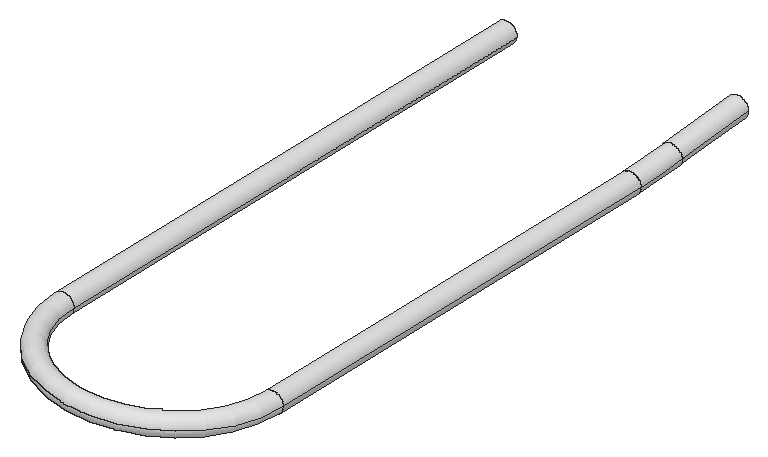
Revit family "Deca_Ducha higiênica com registro_Aspen_1984.35.ACT", category Plumbing Fixtures, host Face, Revit 2020 (continued)
Lines and regions (m)
  symbolic lines
    curve 434: line (0, -0.0618, 0.044) -> (0, -0.0618, 0.02461221)
    curve 435: line (0, -0.0543, 0.044) -> (0, -0.0543, 0.024)
    curve 436: line (0, -0.0468, 0.044) -> (0, -0.0468, 0.024)
    curve 437: line (0, -0.02387258, 0.02291089) -> (0, -0.03381957, 0.02291089)
    curve 438: line (0, -0.02387258, 0.04472826) -> (0, -0.02387258, 0.02291089)
    curve 439: line (0, -0.03381957, 0.04472826) -> (0, -0.02387258, 0.04472826)
    curve 440: line (0, -0.03381957, 0.02291089) -> (0, -0.03381957, 0.04472826)
    curve 441: line (0, -0.02387258, 0.04408979) -> (0, -0.02178379, 0.04408979)
    curve 442: line (0, -0.02387258, 0.02354937) -> (0, -0.02178379, 0.02354937)
    curve 443: line (0, 0.02257955, 0.00298327) -> (0, 0.01452468, 0.01293109)
    curve 444: line (0, 0.02257955, 0) -> (0, -0.02257955, 0)
    curve 445: line (0, 0.02257955, 0.00298327) -> (0, 0.02257955, 0)
    curve 446: line (0, -0.02257955, 0) -> (0, -0.02257955, 0.0029823)
    curve 447: line (0, -0.0145595, 0.01293109) -> (0, -0.02257955, 0.0029823)
    curve 448: line (0, 0.01452468, 0.01293109) -> (0, -0.0145595, 0.01293109)
    curve 449: arc (0, -0.01255774, 0.01293109) -> (0, -0.01560083, 0.01885137) -> (0, -0.02178379, 0.02131738) r 0.00949221
    curve 450: line (0, -0.02178379, 0.02131738) -> (0, -0.02178379, 0.04631958)
    curve 451: line (0, -0.02178379, 0.04631958) -> (0, 0.00179221, 0.04631958)
    curve 452: arc (0, 0.00179221, 0.04631958) -> (0, 0.00536509, 0.04701705) -> (0, 0.00841334, 0.04900705) r 0.0095
    curve 453: line (0, 0.00303642, 0.05438398) -> (0, 0.03131338, 0.02610702)
    curve 454: line (0, 0.02609101, 0.03132938) -> (0, 0.01522373, 0.0204621)
    curve 455: arc (0, 0.01522373, 0.0204621) -> (0, 0.01300812, 0.01700141) -> (0, 0.01244442, 0.01293109) r 0.00958952
    curve 456: line (0, -0.01192411, 0.01293109) -> (0, -0.00006072, 0.03388493)
    curve 457: line (0, 0.00001902, 0.03393106) -> (0, -0.02178379, 0.02131738)
    curve 458: line (0, 0.00001902, 0.03393106) -> (0, 0.00139732, 0.03062545)
    curve 459: line (0, 0.00139732, 0.03062545) -> (0, -0.00005337, 0.02352955)
    curve 460: line (0, -0.00005337, 0.02352955) -> (0, 0.00252073, 0.02095545)
    curve 461: line (0, 0.00252073, 0.02095545) -> (0, 0.01241541, 0.01376654)
    curve 462: line (0, 0.01522373, 0.0204621) -> (0, 0.00083075, 0.02264543)
    curve 463: line (0, 0.00001902, 0.03393106) -> (0, 0.0036389, 0.03214115)
    curve 464: line (0, 0.0036389, 0.03214115) -> (0, 0.01070974, 0.03408846)
    curve 465: line (0, 0.01070974, 0.03408846) -> (0, 0.00841334, 0.04900705)
    curve 466: line (0, 0.00179221, 0.04631958) -> (0, 0.01070974, 0.03408846)
    curve 467: line (0, 0.01827979, 0.00829351) -> (0, 0.01827979, 0.01915987)
    curve 468: line (0, 0.01827979, 0.01915987) -> (0, 0.01747867, 0.02271704)
    curve 469: line (0, 0.01960735, 0.02048587) -> (0, 0.01799761, 0.02041281)
    curve 470: arc (0, 0.08186381, 0.06176307) -> (0, 0.0664713, 0.0641973) -> (0, 0.05099564, 0.06603011) r 0.4
    curve 471: arc (0, 0.09108646, 0.06000791) -> (0, 0.08648029, 0.06091257) -> (0, 0.08186383, 0.06176316) r 0.40033822
    curve 472: arc (0, 0.10054951, 0.04483661) -> (0, 0.09738767, 0.05232287) -> (0, 0.09277459, 0.05901321) r 0.0399
    curve 473: arc (0, 0.09277459, 0.05901321) -> (0, 0.09201402, 0.05965227) -> (0, 0.09108646, 0.06000791) r 0.003
    curve 474: line (0, 0.10412507, 0.03602086) -> (0, 0.11190102, 0.0194224)
    curve 475: line (0, 0.11320031, 0.01528511) -> (0, 0.11231551, 0.01855805)
    curve 476: line (0, 0.11231551, 0.01855805) -> (0, 0.11189087, 0.01946341)
    curve 477: line (0, 0.11189087, 0.01946341) -> (0, 0.0883514, 0.00842288)
    curve 478: line (0, 0.0883514, 0.00842288) -> (0, 0.08877604, 0.00751752)
    curve 479: line (0, 0.08877604, 0.00751752) -> (0, 0.09072689, 0.00474458)
    curve 480: arc (0, 0.09072689, 0.00474458) -> (0, 0.09117585, 0.0044317) -> (0, 0.0917209, 0.00448061) r 0.0008
    curve 481: line (0, 0.0917209, 0.00448061) -> (0, 0.11276774, 0.01435204)
    curve 482: arc (0, 0.11276774, 0.01435204) -> (0, 0.11315383, 0.01473986) -> (0, 0.11320031, 0.01528511) r 0.0008
    curve 483: line (0, 0.10362242, 0.04627504) -> (0, 0.107438, 0.03812389)
    curve 484: line (0, 0.10268592, 0.03589943) -> (0, 0.107438, 0.03812389)
    curve 485: line (0, 0.0988642, 0.04404771) -> (0, 0.10268592, 0.03589943)
    curve 486: line (0, 0.0988642, 0.04404771) -> (0, 0.10362242, 0.04627504)
    curve 487: arc (0, 0.10436587, 0.03668582) -> (0, 0.10410772, 0.03640322) -> (0, 0.10412507, 0.03602086) r 0.0005
    curve 488: arc (0, 0.08133757, 0.05880959) -> (0, 0.06766386, 0.06100059) -> (0, 0.05392206, 0.06271336) r 0.397
    curve 489: arc (0, 0.09321443, 0.04140071) -> (0, 0.08875513, 0.05111426) -> (0, 0.08133757, 0.05880959) r 0.0319
    curve 490: arc (0, 0.0676501, 0.05549711) -> (0, 0.06259569, 0.05717412) -> (0, 0.0575194, 0.05878369) r 0.4
    curve 491: arc (0, 0.07613189, 0.05101801) -> (0, 0.07206924, 0.05359509) -> (0, 0.0676501, 0.05549711) r 0.03032
    curve 492: line (-0.02257955, 0, 0.00298327) -> (-0.01467477, 0, 0.01274573)
    curve 493: line (-0.01467477, 0, 0.01274573) -> (0.01467477, 0, 0.01274573)
    curve 494: line (0.01467477, 0, 0.01274573) -> (0.02257955, 0, 0.00298327)
    curve 495: line (0.02240221, 0, 0.00320229) -> (-0.02240221, 0, 0.00320229)
    curve 496: line (0.02257955, 0, 0) -> (-0.02257955, 0, 0)
    curve 497: line (0.02257955, 0, 0.00298327) -> (0.02257955, 0, 0)
    curve 498: line (-0.02257955, 0, 0) -> (-0.02257955, 0, 0.00298327)
    curve 499: line (0.01249884, 0, 0.02923084) -> (0.01249884, 0, 0.01293109)
    curve 500: line (-0.01250517, 0, 0.01274573) -> (-0.01250517, 0, 0.02923084)
    curve 501: arc (0.01249884, 0, 0.02263865) -> (0.0108733, 0, 0.01844825) -> (0.00749158, 0, 0.01548754) r 0.00942296
    curve 502: arc (0.00749158, 0, 0.01548754) -> (0.00400328, 0, 0.01418374) -> (0.0003045, 0, 0.01375102) r 0.01547517
    curve 503: arc (-0.01250517, 0, 0.02259949) -> (-0.01087346, 0, 0.01843209) -> (-0.00750309, 0, 0.01548754) r 0.00942296
    curve 504: arc (-0.00750309, 0, 0.01548754) -> (-0.00401478, 0, 0.01418374) -> (-0.000316, 0, 0.01375102) r 0.01547517
    curve 505: arc (0.01249884, 0, 0.02263865) -> (0.0065481, 0, 0.02081048) -> (0.0003324, 0, 0.02046619) r 0.02570965
    curve 506: arc (-0.01250517, 0, 0.02264147) -> (-0.00655151, 0, 0.02081109) -> (-0.0003324, 0, 0.02046619) r 0.02570965
    curve 507: arc (0.18186158, 0, 0.02783893) -> (0.17647663, 0, 0.01768793) -> (0.18233988, 0, 0.00780548) r 0.01173547
    curve 508: arc (0.17887395, 0, 0.02814075) -> (0.17298883, 0, 0.0185661) -> (0.17718398, 0, 0.00813973) r 0.01248578
    curve 509: arc (0.17554873, 0, 0.02807651) -> (0.16912353, 0, 0.01926702) -> (0.17322666, 0, 0.00916481) r 0.01120825
    curve 510: arc (0.1723493, 0, 0.02879517) -> (0.16594377, 0, 0.01974398) -> (0.16940678, 0, 0.00921011) r 0.01232099
    curve 511: arc (0.16858785, 0, 0.0291695) -> (0.16149315, 0, 0.01997941) -> (0.16546408, 0, 0.00906958) r 0.01203669
    curve 512: arc (0.16284701, 0, 0.02940022) -> (0.15700059, 0, 0.01995962) -> (0.16075644, 0, 0.00950978) r 0.01277095
    curve 513: arc (0.15967944, 0, 0.02888733) -> (0.15465608, 0, 0.0198268) -> (0.15742678, 0, 0.00984429) r 0.01367506
    curve 514: arc (0.15692576, 0, 0.03031642) -> (0.14988205, 0, 0.02114036) -> (0.15374482, 0, 0.01023656) r 0.0121181
    curve 515: arc (0.15051127, 0, 0.03064858) -> (0.14490488, 0, 0.02140036) -> (0.1476447, 0, 0.01093831) r 0.01386779
    curve 516: arc (0.14396713, 0, 0.03119246) -> (0.14110072, 0, 0.02165128) -> (0.14157966, 0, 0.01170034) r 0.02944809
    curve 517: arc (0.13973608, 0, 0.03160836) -> (0.13549786, 0, 0.02223486) -> (0.13713816, 0, 0.01207935) r 0.01784481
    curve 518: arc (0.13627095, 0, 0.03096979) -> (0.13331832, 0, 0.02193355) -> (0.13467587, 0, 0.01252458) r 0.02088903
    curve 519: arc (0.1331291, 0, 0.03219612) -> (0.12933655, 0, 0.02270313) -> (0.13090321, 0, 0.01260135) r 0.01937459
    curve 520: arc (0.12349077, 0, 0.01297458) -> (0.1231955, 0, 0.0230607) -> (0.12558134, 0, 0.03286502) r 0.03776758
    curve 521: arc (0.11946565, 0, 0.03341164) -> (0.11697398, 0, 0.02366347) -> (0.11794405, 0, 0.01364877) r 0.02915785
    curve 522: arc (0.11214907, 0, 0.03406254) -> (0.11069068, 0, 0.0240612) -> (0.11069113, 0, 0.01395408) r 0.06984066
    curve 523: arc (0.10443528, 0, 0.03474877) -> (0.10346664, 0, 0.02479117) -> (0.1026916, 0, 0.01481664) r 0.51506446
    curve 524: arc (0.09638602, 0, 0.03561076) -> (0.09606678, 0, 0.02545826) -> (0.09459258, 0, 0.01540829) r 0.08898173
    curve 525: arc (0.08931486, 0, 0.03655899) -> (0.08987836, 0, 0.02656357) -> (0.08761415, 0, 0.01681168) r 0.03531363
    curve 526: arc (0.08234335, 0, 0.0367141) -> (0.08356949, 0, 0.02636462) -> (0.08056043, 0, 0.0163866) r 0.02554776
    curve 527: arc (0.07544982, 0, 0.03732736) -> (0.07733096, 0, 0.02712458) -> (0.07370671, 0, 0.01740347) r 0.01947646
    curve 528: arc (0.06868327, 0, 0.03792932) -> (0.07161961, 0, 0.02769958) -> (0.06728814, 0, 0.01797804) r 0.01554718
    curve 529: arc (0.06207748, 0, 0.03851698) -> (0.06477095, 0, 0.02805089) -> (0.06207748, 0, 0.0175848) r 0.02168093
    curve 530: arc (0.05566546, 0, 0.03908741) -> (0.05796452, 0, 0.02890222) -> (0.05427033, 0, 0.01913613) r 0.01814675
    curve 531: arc (0.05080304, 0, 0.03917408) -> (0.05227894, 0, 0.02891776) -> (0.04836565, 0, 0.01932316) r 0.01977478
    curve 532: arc (0.04417514, 0, 0.04034125) -> (0.0492545, 0, 0.02996106) -> (0.04271788, 0, 0.02043106) r 0.01146627
    curve 533: arc (0.03878511, 0, 0.02066265) -> (0.04351274, 0, 0.03046816) -> (0.03977815, 0, 0.0406932) r 0.01398606
    curve 534: arc (0.03345418, 0, 0.02113689) -> (0.03858979, 0, 0.03079923) -> (0.03485341, 0, 0.04108392) r 0.0134628
    curve 535: arc (0.02905651, 0, 0.02168245) -> (0.03413594, 0, 0.03171707) -> (0.02870611, 0, 0.0415665) r 0.01203458
    curve 536: arc (0.02419594, 0, 0.0220417) -> (0.0312298, 0, 0.031225) -> (0.02590927, 0, 0.04149634) r 0.01078907
    curve 537: arc (0.01993609, 0, 0.02231259) -> (0.02743385, 0, 0.03187793) -> (0.0209636, 0, 0.04216617) r 0.01056089
    curve 538: arc (0.01507572, 0, 0.02288162) -> (0.02325388, 0, 0.03023531) -> (0.01992442, 0, 0.04071738) r 0.01014309
    curve 539: arc (0.01249884, 0, 0.02263865) -> (0.01832409, 0, 0.02824843) -> (0.01921176, 0, 0.03628679) r 0.01188606
    curve 540: arc (0.01249884, 0, 0.02637628) -> (0.01385545, 0, 0.02843081) -> (0.01479002, 0, 0.03070855) r 0.0126962
    curve 541: arc (0.18297358, 0, 0.02772625) -> (0.10155173, 0, 0.03548052) -> (0.02004102, 0, 0.04223702) r 6.67817626
    curve 542: arc (0.18297358, 0, 0.00776755) -> (0.16224174, 0, 0.00936676) -> (0.14157966, 0, 0.01170034) r 0.58612347
    curve 543: arc (0.14157966, 0, 0.01170034) -> (0.1018461, 0, 0.01487933) -> (0.06207748, 0, 0.0175848) r 3.34622533
    curve 544: arc (0.06207748, 0, 0.0175848) -> (0.0372381, 0, 0.01962064) -> (0.01249884, 0, 0.02263865) r 0.62915594
    curve 545: line (0.21697358, 0, 0) -> (0.18297358, 0, 0)
    curve 546: line (0.21697358, 0, 0) -> (0.21697358, 0, 0.02772641)
    curve 547: line (0.18297358, 0, 0.02772625) -> (0.18297358, 0, 0)
    curve 548: arc (0.21697358, 0, 0.02772641) -> (0.21655526, 0, 0.03140413) -> (0.21532165, 0, 0.03489395) r 0.01637554
    curve 549: arc (0.21532165, 0, 0.03489395) -> (0.21427105, 0, 0.03671139) -> (0.2129735, 0, 0.0383616) r 0.01477571
    curve 550: arc (0.18297352, 0, 0.02772641) -> (0.18339184, 0, 0.03140413) -> (0.18462545, 0, 0.03489395) r 0.01637554
    curve 551: arc (0.18462545, 0, 0.03489395) -> (0.185676, 0, 0.03671133) -> (0.1869735, 0, 0.03836149) r 0.01477571
    curve 552: line (0.2129735, 0, 0.03911227) -> (0.2129735, 0, 0.01613243)
    curve 553: line (0.1869735, 0, 0.01613243) -> (0.1869735, 0, 0.03911227)
    curve 554: line (0.1949735, 0, 0.06180959) -> (0.1949735, 0, 0.0666412)
    curve 555: line (0.1949735, 0, 0.0666412) -> (0.2049735, 0, 0.0666412)
    curve 556: line (0.2049735, 0, 0.0666412) -> (0.2049735, 0, 0.06180959)
    curve 557: line (0.2079735, 0, 0.0434659) -> (0.2079735, 0, 0.05880959)
    curve 558: line (0.2079735, 0, 0.05880959) -> (0.2079735, 0, 0.06336896)
    curve 559: arc (0.2079735, 0, 0.06336896) -> (0.20719316, 0, 0.06566487) -> (0.2049735, 0, 0.0666412) r 0.00301132
    curve 560: arc (0.1919735, 0, 0.06389079) -> (0.19293851, 0, 0.06584953) -> (0.1949735, 0, 0.0666412) r 0.00301132
    curve 561: line (0.1919735, 0, 0.06389079) -> (0.1919735, 0, 0.0434659)
    curve 562: line (0.2079735, 0, 0.05880959) -> (0.1919735, 0, 0.05880959)
    curve 563: line (0.1999735, 0, 0.06000791) -> (0.1999735, 0, 0.04611763)
    curve 564: arc (0.2079735, 0, 0.05880959) -> (0.20709482, 0, 0.06093091) -> (0.2049735, 0, 0.06180959) r 0.003
    curve 565: arc (0.1919735, 0, 0.05880959) -> (0.19285218, 0, 0.06093091) -> (0.1949735, 0, 0.06180959) r 0.003
    curve 566: arc (0.20274154, 0, 0.06028394) -> (0.20136579, 0, 0.060063) -> (0.1999735, 0, 0.06000791) r 0.01164868
    curve 567: arc (0.2049735, 0, 0.06180959) -> (0.2047986, 0, 0.06123717) -> (0.20433364, 0, 0.06086026) r 0.00102417
    curve 568: arc (0.20433364, 0, 0.06086026) -> (0.20356748, 0, 0.06048953) -> (0.20274154, 0, 0.06028394) r 0.00412523
    curve 569: arc (0.19720546, 0, 0.06028394) -> (0.19858121, 0, 0.060063) -> (0.1999735, 0, 0.06000791) r 0.01164868
    curve 570: arc (0.1949735, 0, 0.06180959) -> (0.1951484, 0, 0.06123717) -> (0.19561336, 0, 0.06086026) r 0.00102417
    curve 571: arc (0.19561336, 0, 0.06086026) -> (0.19637952, 0, 0.06048953) -> (0.19720546, 0, 0.06028394) r 0.00412523
    curve 572: arc (0.2055683, 0, 0.04409807) -> (0.20881246, 0, 0.0431369) -> (0.21174637, 0, 0.04145148) r 0.01453008
    curve 573: arc (0.21174637, 0, 0.04145148) -> (0.21262734, 0, 0.04042216) -> (0.2129735, 0, 0.03911227) r 0.00303939
    curve 574: arc (0.1943787, 0, 0.04409807) -> (0.19113454, 0, 0.0431369) -> (0.18820063, 0, 0.04145148) r 0.01453008
    curve 575: arc (0.18820063, 0, 0.04145148) -> (0.18731966, 0, 0.04042216) -> (0.1869735, 0, 0.03911227) r 0.00303939
    curve 576: line (0.20575128, 0, 0.04359533) -> (0.20575128, 0, 0.0363518)
    curve 577: arc (0.20478832, 0, 0.03562873) -> (0.1999735, 0, 0.03601629) -> (0.19515868, 0, 0.03562873) r 0.03010187
    curve 578: arc (0.20478832, 0, 0.03562873) -> (0.20542366, 0, 0.03578536) -> (0.20575128, 0, 0.0363518) r 0.00083553
    curve 579: arc (0.19515868, 0, 0.03562873) -> (0.19452335, 0, 0.03578536) -> (0.19419572, 0, 0.0363518) r 0.00083553
    curve 580: line (0.19419572, 0, 0.04359533) -> (0.19419572, 0, 0.0363518)
    curve 581: line (0.20575128, 0, 0.04359533) -> (0.2054735, 0, 0.04435852)
    curve 582: line (0.2054735, 0, 0.04435852) -> (0.2054735, 0, 0.04516781)
    curve 583: line (0.19419572, 0, 0.04359533) -> (0.1944735, 0, 0.04435852)
    curve 584: line (0.1944735, 0, 0.04435852) -> (0.1944735, 0, 0.04516781)
    curve 585: arc (0.2051589, 0, 0.04564216) -> (0.1999735, 0, 0.04611763) -> (0.1947881, 0, 0.04564216) r 0.0285135
    curve 586: spline (0.21196115, 0, 0.00941633) -> (0.21155268, 0, 0.01069378) -> (0.21035511, 0, 0.01188418) -> (0.20845005, 0, 0.0129064) -> (0.20596733, 0, 0.01369078) -> (0.20307613, 0, 0.01418386) -> (0.1999735, 0, 0.01435204) -> (0.19687087, 0, 0.01418386) -> (0.19397967, 0, 0.01369078) -> (0.19149695, 0, 0.0129064) -> (0.18959189, 0, 0.01188418) -> (0.18839432, 0, 0.01069378) -> (0.18798585, 0, 0.00941633) -> (0.18839432, 0, 0.00813887) -> (0.18959189, 0, 0.00694847) -> (0.19149695, 0, 0.00592625) -> (0.19397967, 0, 0.00514187) -> (0.19687087, 0, 0.00464879) -> (0.1999735, 0, 0.00448061) -> (0.20307613, 0, 0.00464879) -> (0.20596733, 0, 0.00514187) -> (0.20845005, 0, 0.00592625) -> (0.21035511, 0, 0.00694847) -> (0.21155268, 0, 0.00813887) -> (0.21196115, 0, 0.00941633)
    curve 587: arc (0.21035979, 0, 0.00695181) -> (0.21170635, 0, 0.00823406) -> (0.21241533, 0, 0.00995299) r 0.00447397
    curve 588: line (0.21241533, 0, 0.00995299) -> (0.21297833, 0, 0.01301435)
    curve 589: arc (0.21297833, 0, 0.01301435) -> (0.2130269, 0, 0.01382411) -> (0.21287847, 0, 0.01462163) r 0.00333401
    curve 590: arc (0.21287847, 0, 0.01462163) -> (0.21293941, 0, 0.01537619) -> (0.2129735, 0, 0.01613243) r 0.0212958
    curve 591: line (0.18753167, 0, 0.00995299) -> (0.18696867, 0, 0.01301435)
    curve 592: arc (0.18696867, 0, 0.01301435) -> (0.1869201, 0, 0.01382411) -> (0.18706853, 0, 0.01462163) r 0.00333401
    curve 593: arc (0.18958721, 0, 0.00695181) -> (0.18824065, 0, 0.00823406) -> (0.18753167, 0, 0.00995299) r 0.00447397
    curve 594: arc (0.21287847, 0, 0.01462163) -> (0.1999735, 0, 0.01855805) -> (0.18706853, 0, 0.01462163) r 0.02312176
    curve 595: arc (0.18706853, 0, 0.01462163) -> (0.18700759, 0, 0.01537619) -> (0.1869735, 0, 0.01613243) r 0.0212958
    curve 596: arc (0.21106188, 0, 0.04192927) -> (0.20971025, 0, 0.04434076) -> (0.2079735, 0, 0.04649154) r 0.01643214
    curve 597: arc (0.18888512, 0, 0.04192927) -> (0.19023675, 0, 0.04434076) -> (0.1919735, 0, 0.04649154) r 0.01643214
    curve 598: line (0, 0.03131338, 0.02610702) -> (0, 0.03935534, 0.03414899)
    curve 599: arc (0, 0.03935534, 0.03414899) -> (0, 0.04538527, 0.04226119) -> (0, 0.05349748, 0.04829112) r 0.03469471
    curve 600: line (0, 0.05349748, 0.04829112) -> (0, 0.06068821, 0.05548185)
    curve 601: arc (0, 0.06068821, 0.05548185) -> (0, 0.04703027, 0.0697953) -> (0, 0.03271691, 0.08345332) r 0.42227755
    curve 602: line (0, 0.01558227, 0.01162496) -> (0, 0.01558227, 0.02082064)
    curve 603: line (0, 0.00303642, 0.05438398) -> (0, 0.01104885, 0.06239641)
    curve 604: arc (0, 0.01104885, 0.06239641) -> (0, 0.01908455, 0.06844595) -> (0, 0.02513409, 0.07648165) r 0.03601811
    curve 605: line (0, 0.0306271, 0.08197466) -> (0, 0.05890405, 0.0536977)
    curve 606: arc (0, 0.07613189, 0.05101801) -> (0, 0.08181309, 0.0450858) -> (0, 0.08601391, 0.03802745) r 0.03627234
    curve 607: line (0, -0.02387258, 0.03381957) -> (0, -0.03381957, 0.03381957)
    curve 608: line (0, -0.02387258, 0.02473154) -> (0, -0.03381957, 0.02473154)
    curve 609: line (0, -0.02387258, 0.04326724) -> (0, -0.03381957, 0.04326724)
    curve 610: arc (-0.01250517, 0, 0.02923084) -> (-0.00000316, 0, 0.02611343) -> (0.01249884, 0, 0.02923084) r 0.02662758
    curve 611: arc (-0.01999206, 0, 0.06915901) -> (-0.01964931, 0, 0.06547453) -> (-0.01821847, 0, 0.06206197) r 0.01220879
    curve 612: arc (-0.01821847, 0, 0.06206197) -> (-0.01434804, 0, 0.05808544) -> (-0.00945871, 0, 0.05546102) r 0.01818812
    curve 613: arc (-0.00945871, 0, 0.05546102) -> (0.00005727, 0, 0.05373017) -> (0.00957326, 0, 0.05546102) r 0.02702411
    curve 614: arc (0.01998926, 0, 0.06947554) -> (0.0195201, 0, 0.06493061) -> (0.01741292, 0, 0.06087644) r 0.01220879
    curve 615: arc (0.01741292, 0, 0.06087644) -> (0.01385401, 0, 0.05764624) -> (0.00957326, 0, 0.05546102) r 0.01818812
    curve 616: arc (0.01249884, 0, 0.02923084) -> (0.01642748, 0, 0.03221445) -> (0.01921176, 0, 0.03628679) r 0.01540734
    curve 617: arc (0.01921176, 0, 0.03628679) -> (0.0199513, 0, 0.03958588) -> (0.01998926, 0, 0.04296663) r 0.0161837
    curve 618: line (0.01998926, 0, 0.06947554) -> (0.01998926, 0, 0.04296663)
    curve 619: arc (-0.01687843, 0, 0.07709355) -> (-0.01941486, 0, 0.06895076) -> (-0.01550299, 0, 0.06137213) r 0.01123732
    curve 620: arc (-0.01550299, 0, 0.06137213) -> (-0.00823071, 0, 0.05718757) -> (0.00005727, 0, 0.05588141) r 0.02306308
    curve 621: arc (0.0184063, 0, 0.07491446) -> (0.01934122, 0, 0.06766363) -> (0.01561753, 0, 0.06137213) r 0.01123732
    curve 622: arc (0.01561753, 0, 0.06137213) -> (0.00834525, 0, 0.05718757) -> (0.00005727, 0, 0.05588141) r 0.02306308
    curve 623: arc (-0.00749643, 0, 0.04222333) -> (-0.0072041, 0, 0.04424552) -> (-0.00612819, 0, 0.04598252) r 0.00500648
    curve 624: arc (-0.00612819, 0, 0.04598252) -> (-0.00406255, 0, 0.04746824) -> (-0.00159666, 0, 0.04809561) r 0.00683598
    curve 625: arc (-0.00749643, 0, 0.04222333) -> (-0.00721802, 0, 0.0400272) -> (-0.00629035, 0, 0.03801724) r 0.00725544
    curve 626: arc (-0.00629035, 0, 0.03801724) -> (-0.00504124, 0, 0.03632958) -> (-0.00335358, 0, 0.03508047) r 0.0071081
    curve 627: arc (0.00761097, 0, 0.04222333) -> (0.00731864, 0, 0.04424552) -> (0.00624274, 0, 0.04598252) r 0.00500648
    curve 628: arc (0.00624274, 0, 0.04598252) -> (0.0041771, 0, 0.04746824) -> (0.0017112, 0, 0.04809561) r 0.00683598
    curve 629: arc (0.00761097, 0, 0.04222333) -> (0.00733256, 0, 0.0400272) -> (0.00640489, 0, 0.03801724) r 0.00725544
    curve 630: arc (0.00640489, 0, 0.03801724) -> (0.00515578, 0, 0.03632958) -> (0.00346812, 0, 0.03508047) r 0.0071081
    curve 631: arc (-0.00335358, 0, 0.03508047) -> (0.00005727, 0, 0.03422963) -> (0.00346812, 0, 0.03508047) r 0.00726209
    curve 632: arc (-0.00159666, 0, 0.04809561) -> (0.00005727, 0, 0.04821964) -> (0.0017112, 0, 0.04809561) r 0.01108973
Dimensions and locks (m)
  aligned and locked: plane 2 to host face
  aligned and locked: level to host face
Connectors (m)
  piping at (0, 0, 0), diameter 0.015, driven by "Raio Água Fria"
    settings: on free form element, index 1, connector inside diameter 609.6 mm, connector length 0.00 m, flow factor 0, pipe flow 0.0 L/s, pressure drop 0.0 Pa, fitting loss kfactor 0, connector angle 0.00°, fixture units 0, engagement length 0.00 m, angle of deflection 0.00°, flow configuration 3, flow direction 1, fitting loss method 4, system type 20, joint type 0, gender type 0, connector reference index -1, connector utility 0, adjustable connector no, is connector primary yes, connector description ""
